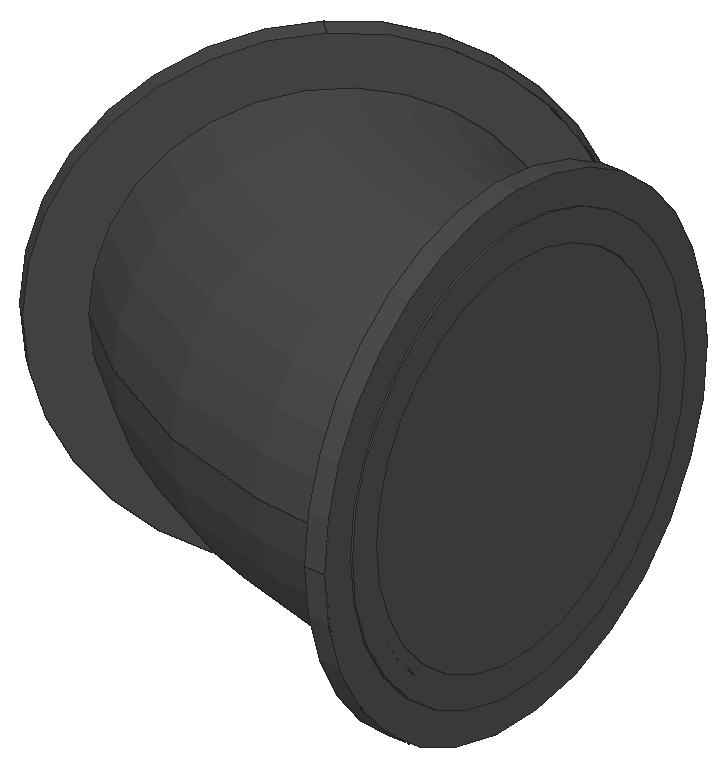
Revit family "FoFo_FF_Curva45", category Pipe Fittings, Revit 2025
Family settings
  Round Connector Dimension = Use Radius
  Part Type = Elbow
  OmniClass Number = 23.60.30.11.14
  OmniClass Title = Pipework Fittings
  Work Plane-Based = Yes
  Always vertical = No
  Cut with Voids When Loaded = No
  Shared = Yes
Parameters (values of type "C45F_0500")
  PN = "10"
  Material_Conexao = FOFO
  Manufacturer = "SGC"
  Loss Method = K Coefficient from Table
  K Coefficient Table = "Tee"
  Junta_1_Tipo = FoFo_FF_Junta : FLA_10_0500
  Description = "Curva 45"
  Default Elevation = 0.0 mm
  DN = "500"
  Corpo_R = Corpo_L / tan(22.50°)  # 579.411 mm
  Corpo_L = 240.0 mm
  Corpo_RE1 = 0.5 * Corpo_DE  # 266.0 mm
  Corpo_DE = 532.0 mm
Reference planes
  plane 1 "EixoP": y = 205.208
  plane 2: z = 0
  plane 3 "EixoS": x = 434.476
  plane 4: y = 784.619
  plane 5: x = 674.476
Forms (mm)
  Sweep 1, solid, material "FOFO" <- "Material_Conexao"
    path origin (0, 0, 0) x (1, 0, 0) y (0, 1, 0)
      loop
        arc (674.476, 205.208) -> (452.745, 249.313) -> (264.77, 374.914) r 579.411
    profile origin (452.745, 249.313, 0) x (-0.382683, -0.92388, 0) y (0, 0, 1)
      loop
        circle (0, 0) r 266
Lines and regions (mm)
  model lines, style "PipeFittingCenterLine"
    curve 1: line (264.77, 374.914, -189) -> (264.77, 374.914, 189)
  reference lines
    curve 2: line (434.476, 205.208, 0) -> (674.476, 205.208, 0)
    curve 3: line (264.77, 374.914, 0) -> (434.476, 205.208, 0)
Dimensions and locks
  "Corpo_L": plane 5 to plane 3 "EixoS"
  "Corpo_R": plane 4 to plane 1 "EixoP"
  "Corpo_DE": diameter of Sweep 1 sketch curve
  locked: plane 5 to plane 1 "EixoP" (angle 90.00°)
  locked: Sweep 1 sketch curve to Sweep 1 sketch curve (angle 45.00°)
  locked: curve 2 to curve 3 (angle 135.00°)
  aligned and locked: plane 3 "EixoS" to curve 2
  aligned and locked: Sweep 1 to curve 2
  aligned and locked: curve 2 to plane 1 "EixoP"
Automatic sketch dimensions
  plane 1 "EixoP" to Sweep 1 sketch curve = 0.0 mm
  Sweep 1 sketch curve to plane 5 = 0.0 mm
  Sweep 1 sketch curve to plane 4 = 0.0 mm
  curve 1 to level = 189.0 mm
  level to curve 1 = 189.0 mm
  curve 2 to plane 5 = 0.0 mm
  level to Sweep 1 sketch curve = 0.0 mm
  Sweep 1 sketch curve to profile plane = 0.0 mm
Nested families
  nested 1: "FoFo_FF_Junta" at (674.476, 205.208, 0) x (0, 1, 0) z (1, 0, 0), type <- "Junta_1_Tipo", type "FLA_10_0500"
    with Furo_V 306.183 mm, Flange_RT 266.0 mm, Flange_RL 250.0 mm, Flange_RG 291.0 mm, Flange_RF 310.0 mm, Flange_RD 335.0 mm, Furo_Quant 20, Flange_MA 9.00°, Furo_H 48.495 mm, Flange_Diam_Resalto 582.0 mm, Furo_Raio 12.0 mm, Furo_Diam 24.0 mm, Flange_Diam_Livre 500.0 mm, Flange_Diam_Furacao 620.0 mm, Flange_Diam_Tubo 532.0 mm, Flange_Diam_Externo 670.0 mm, Flange_Resalto 4.0 mm, Flange_Altura 28.0 mm
  nested 2: "FoFo_FF_Junta" at (264.77, 374.914, 0) x (0, 0, 1) z (-0.7071, 0.7071, 0), type <- "Junta_1_Tipo", type "FLA_10_0500"
    with Furo_V 306.183 mm, Flange_RT 266.0 mm, Flange_RL 250.0 mm, Flange_RG 291.0 mm, Flange_RF 310.0 mm, Flange_RD 335.0 mm, Furo_Quant 20, Flange_MA 9.00°, Furo_H 48.495 mm, Flange_Diam_Resalto 582.0 mm, Furo_Raio 12.0 mm, Furo_Diam 24.0 mm, Flange_Diam_Livre 500.0 mm, Flange_Diam_Furacao 620.0 mm, Flange_Diam_Tubo 532.0 mm, Flange_Diam_Externo 670.0 mm, Flange_Resalto 4.0 mm, Flange_Altura 28.0 mm
Connectors
  piping at (674.476, 205.208, 0), diameter 532, driven by "Corpo_RE1"
    settings: on Sweep 1, index 1, connector inside diameter 24", connector length 0.0 mm, flow factor 0, pipe flow 0 GPM, pressure drop 0.00 psi, fitting loss kfactor 0, connector angle 0.00°, fixture units 0, engagement length 0.0 mm, angle of deflection 0.00°, flow configuration 0, flow direction 0, fitting loss method 0, system type 7, joint type 0, gender type 0, connector reference index -1, connector utility 0, adjustable connector no, is connector primary yes, connector description ""
  piping at (264.77, 374.914, 0), diameter 532, driven by "Corpo_RE1"
    settings: on Sweep 1, index 2, connector inside diameter 24", connector length 0.0 mm, flow factor 0, pipe flow 0 GPM, pressure drop 0.00 psi, fitting loss kfactor 0, connector angle 0.00°, fixture units 0, engagement length 0.0 mm, angle of deflection 0.00°, flow configuration 0, flow direction 0, fitting loss method 0, system type 7, joint type 0, gender type 0, connector reference index -1, connector utility 0, adjustable connector no, is connector primary no, connector description ""
Definition of nested family "FoFo_FF_Junta"
  Parameters (values of type "FLA_10_0080")
    PN = "10"
    Material_Conexao = none
    Manufacturer = "SGC"
    Furo_V = Flange_RF * cos(Flange_MA)  # 73.91 mm
    Flange_RT = 0.5 * Flange_Diam_Tubo  # 49.0 mm
    Flange_RL = 0.5 * Flange_Diam_Livre  # 40.0 mm
    Flange_RG = 0.5 * Flange_Diam_Resalto  # 66.0 mm
    Flange_RF = 0.5 * Flange_Diam_Furacao  # 80.0 mm
    Flange_RD = 0.5 * Flange_Diam_Externo  # 100.0 mm
    Furo_Quant = 8
    Flange_MA = 0.5 * (360.00° / Furo_Quant)  # 22.50°
    Furo_H = Flange_RF * sin(Flange_MA)  # 30.615 mm
    Flange_Diam_Resalto = 132.0 mm
    Furo_Raio = 0.5 * Furo_Diam  # 8.0 mm
    Furo_Diam = 16.0 mm
    Flange_Diam_Livre = 80.0 mm
    Flange_Diam_Furacao = 160.0 mm
    Flange_Diam_Tubo = 98.0 mm
    Flange_Diam_Externo = 200.0 mm
    Flange_Resalto = 3.0 mm
    Flange_Altura = 19.0 mm
    Description = "Flange"
    Default Elevation = 0.0 mm
    DN = "80"
  Reference planes
    plane 1 "Centro (Frente/Trás)": y = 0
    plane 2: z = 0
    plane 3 "Centro (Esquerda/Direita)": x = 0
    plane 4: z = -3
    plane 5: z = -22
  Forms (mm)
    Extrusion 1, solid
      sketch origin (0, 0, 0) x (1, 0, 0) y (0, 1, 0)
        loop
          circle (0, 0) r 100
      from -22 to -3
    Extrusion 2, solid
      sketch origin (0, 0, 0) x (1, 0, 0) y (0, 1, 0)
        loop
          circle (0, 0) r 66
      from 0 to -3
    Extrusion 3, void
      sketch origin (0, 0, 0) x (1, 0, 0) y (0, 1, 0)
        loop
          circle (0, 0) r 40
      from 0 to -22
  Cuts and joins
    Extrusion 3 cuts Extrusion 1
    Extrusion 3 cuts Extrusion 2
    joined: Extrusion 1, Extrusion 2
  Lines and regions (mm)
    model lines
      curve 1: line (-40, 0, 0) -> (40, 0, 0)
      curve 2: line (0, 40, 0) -> (0, -40, 0)
  Dimensions and locks
    "Flange_Resalto": plane 2 to plane 4
    "Flange_Altura": plane 4 to plane 5
    "Flange_RD": radius of Extrusion 1 sketch curve
    "Flange_RG": radius of Extrusion 2 sketch curve
    "Flange_RL": radius of Extrusion 3 sketch curve
    aligned and locked: plane 2 to level
    aligned and locked: Extrusion 1 to plane 5
    aligned and locked: Extrusion 1 to Extrusion 3
    aligned and locked: cut or joined group of Extrusion 1, Extrusion 2, Extrusion 3 to plane 4
    aligned and locked: plane 4 to cut or joined group of Extrusion 1, Extrusion 2, Extrusion 3
  Automatic sketch dimensions
    plane 1 "Centro (Frente/Trás)" to curve 1 = 0.0 mm
    curve 1 to plane 3 "Centro (Esquerda/Direita)" = 40.0 mm
    plane 3 "Centro (Esquerda/Direita)" to curve 1 = 40.0 mm
    plane 1 "Centro (Frente/Trás)" to curve 2 = 40.0 mm
    curve 2 to plane 1 "Centro (Frente/Trás)" = 40.0 mm
    curve 2 to plane 3 "Centro (Esquerda/Direita)" = 0.0 mm
    plane 1 "Centro (Frente/Trás)" to Extrusion 1 sketch curve = 0.0 mm
    Extrusion 1 sketch curve to plane 3 "Centro (Esquerda/Direita)" = 0.0 mm
    plane 1 "Centro (Frente/Trás)" to Extrusion 2 sketch curve = 0.0 mm
    Extrusion 2 sketch curve to plane 3 "Centro (Esquerda/Direita)" = 0.0 mm
    plane 1 "Centro (Frente/Trás)" to Extrusion 3 sketch curve = 0.0 mm
    Extrusion 3 sketch curve to plane 3 "Centro (Esquerda/Direita)" = 0.0 mm
Types in the file's own list only (15): name | Junta_1_Tipo | DN | Corpo_R | Corpo_L | Corpo_RE1 | Corpo_DE
  C45F_0080 | FoFo_FF_Junta : FLA_10_0080 | "80" | 313.8 mm | 130.0 mm | 49.0 mm | 98.0 mm
  C45F_0100 | FoFo_FF_Junta : FLA_10_0100 | "100" | 338.0 mm | 140.0 mm | 59.0 mm | 118.0 mm
  C45F_0150 | FoFo_FF_Junta : FLA_10_0150 | "150" | 386.3 mm | 160.0 mm | 85.0 mm | 170.0 mm
  C45F_0200 | FoFo_FF_Junta : FLA_10_0200 | "200" | 434.6 mm | 180.0 mm | 111.0 mm | 222.0 mm
  C45F_0250 | FoFo_FF_Junta : FLA_10_0250 | "250" | 845.0 mm | 350.0 mm | 137.0 mm | 274.0 mm
  C45F_0300 | FoFo_FF_Junta : FLA_10_0300 | "300" | 965.7 mm | 400.0 mm | 163.0 mm | 326.0 mm
  C45F_0350 | FoFo_FF_Junta : FLA_10_0350 | "350" | 724.3 mm | 300.0 mm | 189.0 mm | 378.0 mm
  C45F_0400 | FoFo_FF_Junta : FLA_10_0400 | "400" | 784.6 mm | 325.0 mm | 214.5 mm | 429.0 mm
  C45F_0450 | FoFo_FF_Junta : FLA_10_0450 | "450" | 845.0 mm | 350.0 mm | 240.0 mm | 480.0 mm
  C45F_0600 | FoFo_FF_Junta : FLA_10_0600 | "600" | 1026.0 mm | 425.0 mm | 317.5 mm | 635.0 mm
  C45F_0700 | FoFo_FF_Junta : FLA_10_0700 | "700" | 1158.8 mm | 480.0 mm | 369.0 mm | 738.0 mm
  C45F_0800 | FoFo_FF_Junta : FLA_10_0800 | "800" | 1279.5 mm | 530.0 mm | 421.0 mm | 842.0 mm
  C45F_0900 | FoFo_FF_Junta : FLA_10_0900 | "900" | 1400.2 mm | 580.0 mm | 472.5 mm | 945.0 mm
  C45F_1000 | FoFo_FF_Junta : FLA_10_1000 | "1000" | 1521.0 mm | 630.0 mm | 524.0 mm | 1048.0 mm
  C45F_1200 | FoFo_FF_Junta : FLA_10_1200 | "1200" | 1810.7 mm | 750.0 mm | 627.5 mm | 1255.0 mm
